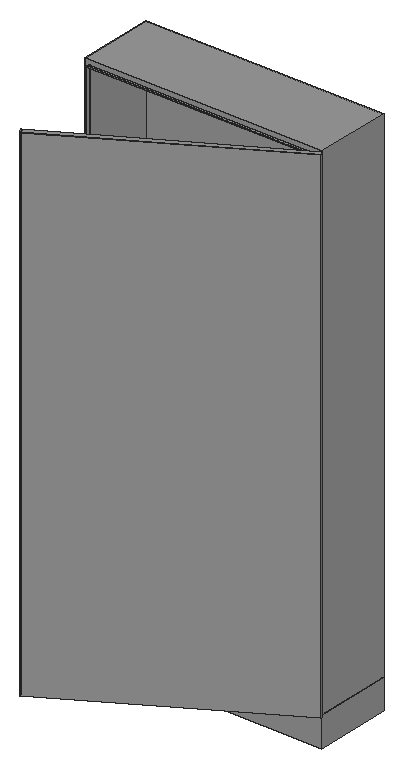
Revit family "Hager-Univers-IP55-D275-H1800-Cl.I-Steel_encl-NoHosted-PL-pl", category Electrical Equipment, Revit 2020
Family settings
  Panel Configuration = Two Columns, Circuits Across
  Round Connector Dimension = Use Diameter
  Part Type = Panelboard
  Work Plane-Based = Yes
  Always vertical = Yes
  Cut with Voids When Loaded = No
  Shared = No
  Room Calculation Point = No
Parameters (values of type "Montaż podłogowy IP55 S800 W1800 G275  - FR13E1")
  Width Control [instance] = if([EF000008 - Szerokość] > Min Width, [EF000008 - Szerokość], Min Width)  # 800 mm
  Type Comments = [HG000003 - Zakres]  # "Univers"
  Thickness Door [instance] = if([EF009171 - Drzwi/pokrywa z materiału o wysokiej wytrzymałości mechanicznej] > 3 mm, 3 mm, [EF009171 - Drzwi/pokrywa z materiału o wysokiej wytrzymałości mechanicznej])  # 1.5 mm
  Seal Frame Offset [instance] = 17 mm  # constant formula
  Plinth Visibility [instance] = [HG000027 - Wysokość cokołu] > 0 mm  # yes
  Min Width [instance] = 100 mm  # constant formula
  Min Depth [instance] = (2 * [EF009170 - Obudowa z materiału o wysokiej wytrzymałości mechanicznej]) + 1 mm  # 4 mm
  Min Height [instance] = 100 mm  # constant formula
  Internal Frame Depth [instance] = (Door System Depth * 0.5)  # 9 mm
  Panel Name [instance] = ""  # (empty or 0)
  Model = ""
  HG000027 - Wysokość cokołu = 100 mm
  HG000026 - Stojąca = yes
  HG000024 - Wysokość części dolnej = 600 mm
  HG000023 - Obudowa dwusekcyjna = no
  HG000016 - Widoczność drzwi w widoku 3D [instance] = yes
  HG000015 - Przestrzeń robocza - otwarcie drzwi [instance] = no
  HG000014 - Drzwi prawe [instance] = yes
  HG000013 - Drzwi lewe [instance] = not([HG000014 - Drzwi prawe])  # no
  HG000012 - Kąt otwarcia drzwi [instance] = 30.00°
  HG000010 - Drzwi asymetryczne = no
  HG000009 - Drzwi dwuskrzydłowe = no
  HG000006 - Montaż podtynkowy = no
  HG000004 - Referencja producenta = "FR13E1"
  HG000003 - Zakres = "Univers"
  HG000002 - Z drzwiami lub pokrywą = yes
  Frame Offset Bottom [instance] = 10 mm  # constant formula
  Frame Offset [instance] = 15 mm  # constant formula
  EF015940 - Pokrywa z wyzwalaczem nadciśnieniowym = no
  EF011959 - Stopień ochrony (NEMA) = ""
  EF009554 - Liczba otworów pod flansze = 6
  EF009212 - Wykonanie pokrywy = "EV000116 - Zamknięty"
  EF009171 - Drzwi/pokrywa z materiału o wysokiej wytrzymałości mechanicznej = 1.5 mm
  EF009170 - Obudowa z materiału o wysokiej wytrzymałości mechanicznej = 1.5 mm
  EF008873 - Prąd znamionowy (In) = 800 A
  EF007800 - Do ochrony odgromowej = no
  EF006306 - Z zamkiem = no
  EF006244 - Transparentna pokrywa/drzwi = no
  EF005474 - Stopień ochrony (IP) = "EV006420 - IP55"
  EF004464 - Rodzaj drzwi = "EV002646 - Pojedynczy"
  EF004427 - Liczba modułów = 396
  EF004293 - Odporność udarowa = "EV008784 - IK10"
  EF003532 - Do zastosowań zewnętrznych = no
  EF002950 - Szerokość wyrażona liczbą modułów = 24
  EF001613 - Podtrzymanie funkcji = "EV000494 - Brak"
  EF001596 - Materiał obudowy = "EV000179 - Stal"
  EF001131 - Głębokość wewnętrzna = 275 mm
  EF001088 - Możliwość rozbudowy = yes
  EF000437 - Liczba wejść kablowych = 6
  EF000339 - Rodzaj pokrywy = "EV004216 - Drzwi"
  EF000266 - Liczba rzędów = 11
  EF000218 - Głębokość wbudowania = 0 mm
  EF000118 - Z płytą montażową = no
  EF000116 - Numer RAL = "7035"
  EF000049 - Głębokość = 275 mm
  EF000040 - Wysokość = 1800 mm
  EF000008 - Szerokość = 800 mm
  EF000007 - Kolor = "EV000270 - Szary"
  EF000003 - Sposób montażu = "EV012274 - Montaż podłogowy"
  Door System Leaf Tolerance [instance] = 1.5 mm  # constant formula
  Door System Depth [instance] = 18 mm  # constant formula
  Door Height [instance] = Height Control - [HG000027 - Wysokość cokołu]  # 1700 mm
  Description = ""
  Default Elevation = 1219.2 mm
  Connector Offset [instance] = Height Control / 2  # 900 mm
  Manufacturer = "Hager"  # constant formula
  Height Control [instance] = if([EF000040 - Wysokość] > Min Height, [EF000040 - Wysokość], Min Height)  # 1800 mm
  Depth Control [instance] = if([EF000049 - Głębokość] > Min Depth, [EF000049 - Głębokość], Min Depth)  # 275 mm
  Bottom Top Plate Trim [instance] = 1.5 mm  # constant formula
  Plinth height Ctrl [instance] = if([HG000027 - Wysokość cokołu] > 0 mm, [HG000027 - Wysokość cokołu], 12 mm)  # 100 mm
Types (5, lengths in mm): name | Width Control | HG000010 - Drzwi asymetryczne | HG000009 - Drzwi dwuskrzydłowe | HG000004 - Referencja producenta | EF009554 - Liczba otworów pod flansze | EF004464 - Rodzaj drzwi | EF004427 - Liczba modułów | EF000437 - Liczba wejść kablowych | EF000008 - Szerokość
  Montaż podłogowy IP55 S1050 W1800 G275  - FR14E1 | 1050 | yes | yes | "FR14E1" | 8 | "EV003602 - Podwójny" | 528 | 8 | 1050
  Montaż podłogowy IP55 S1300 W1800 G275  - FR15E1 | 1300 | yes | yes | "FR15E1" | 10 | "EV003602 - Podwójny" | 660 | 10 | 1300
  Montaż podłogowy IP55 S300 W1800 G275  - FR11E1 | 300 | no | no | "FR11E1" | 2 | "EV002646 - Pojedynczy" | 132 | 2 | 300
  Montaż podłogowy IP55 S550 W1800 G275  - FR12E1 | 550 | no | no | "FR12E1" | 4 | "EV002646 - Pojedynczy" | 264 | 4 | 550
  Montaż podłogowy IP55 S800 W1800 G275  - FR13E1 | 800 | no | no | "FR13E1" | 6 | "EV002646 - Pojedynczy" | 396 | 6 | 800
Reference planes
  plane 1 "Center (Front/Back)": y = 0
  plane 2: z = 0
  plane 3 "Center (Left/Right)": x = 0
  plane 4: y = 0
  plane 5: y = 0
  plane 6: z = 0
  plane 7: x = -400
  plane 8: x = 400
  plane 9: x = 398.5
  plane 10: x = -398.5
  plane 11: z = 100
  plane 12: z = 101.5
  plane 13: y = -275
  plane 14: y = -1.5
  plane 15: x = 0
  plane 16: y = -257
  plane 17: y = -273.5
  plane 18: y = -255.5
  plane 19: x = -383.5
  plane 20: x = 383.5
  plane 21: z = 111.5
  plane 22: x = -383
  plane 23: x = 383
  plane 24: z = 100
  plane 25: z = 1800
  plane 26: z = 1800
  plane 27: z = 1783.5
  plane 28: z = 1798.5
Forms (mm)
  Extrusion 1, solid, material "Hager_Steel_RAL7035_Light_Grey", detail levels medium+fine
    sketch origin (-208.679, -4572, 100) x (-1, 0, 0) y (0, -1, 0)
      loop
        line (191.321, -4315) -> (-608.679, -4315) -> (-608.679, -4572) -> (191.321, -4572) -> (191.321, -4315)
    from 0 to 1700
  Extrusion 2, void
    sketch origin (-350.771, -275, 1219.2) x (1, 0, 0) y (0, 0, 1)
      loop
        line (-47.729, 579.3) -> (-47.729, -1117.7) -> (749.271, -1117.7) -> (749.271, 579.3) -> (-47.729, 579.3)
    from -19.5 to -273.5
  Extrusion 3, void
    sketch origin (-290.084, -257, 1219.2) x (1, 0, 0) y (0, 0, 1)
      loop
        line (-93.416, -1107.7) -> (673.584, -1107.7) -> (673.584, 564.3) -> (-93.416, 564.3) -> (-93.416, -1107.7)
    from 0 to -1.5
  Extrusion 4, solid, material "Hager_Steel_RAL7035_Light_Grey", visible <- "Plinth Visibility", detail levels medium+fine
    sketch origin (0, 0, 0) x (1, 0, 0) y (0, 1, 0)
      loop
        line (-400, 0) -> (-400, -257) -> (400, -257) -> (400, 0) -> (-400, 0)
    from 0 to 100 <- "Plinth height Ctrl"
  Extrusion 5, solid, material "Hager_Steel_RAL7035_Light_Grey", detail levels coarse
    sketch origin (0, 0, 0) x (1, 0, 0) y (0, 1, 0)
      loop
        line (-400, 0) -> (-400, -275) -> (400, -275) -> (400, 0) -> (-400, 0)
    from 0 to 1800 <- "Height Control"
  Sweep 6, void
    path in 3D
      loop
        line (-400, -257, 100) -> (400, -257, 100) -> (400, 0, 100) -> (-400, 0, 100) -> (-400, -257, 100)
    profile origin (-400, -128.5, 100) x (1, 0, 0) y (0, 0, 1)
      loop
        line (0, 0) -> (0, -1.5) -> (1.5, -1.5)
        arc (1.5, -1.5) -> (1.061, -0.439) -> (0, 0) r 1.5
  Extrusion 7, solid, material "Hager_Steel_RAL7035_Light_Grey", detail levels fine
    sketch origin (-400, -257, 100) x (1, 0, 0) y (0, 0, 1)
      loop
        line (16.5, 11.5) -> (783.5, 11.5) -> (783.5, 1683.5) -> (16.5, 1683.5) -> (16.5, 11.5)
      loop
        line (15, 10) -> (785, 10) -> (785, 1685) -> (15, 1685) -> (15, 10)
    from 0 to 9 <- "Internal Frame Depth"
Cuts and joins
  Extrusion 2, Extrusion 3 cuts Extrusion 1
  Sweep 6 cuts Extrusion 4
Lines and regions (mm)
  Masking region 1
    outline origin (0, 0, 0) x (1, 0, 0) y (0, 1, 0)
      loop
        line (-400, 0) -> (-400, -275) -> (400, -275) -> (400, 0) -> (-400, 0)
  Masking region 2, detail levels coarse
    outline origin (-290.084, -257, 1219.2) x (-1, 0, 0) y (0, 0, 1)
      loop
        line (-690.084, -1219.2) -> (109.916, -1219.2) -> (109.916, 580.8) -> (-690.084, 580.8) -> (-690.084, -1219.2)
  Masking region 3, detail levels coarse
    outline origin (0, 0, 0) x (0, 1, 0) y (0, 0, 1)
      loop
        line (0, 0) -> (0, 1800) -> (-275, 1800) -> (-275, 0) -> (0, 0)
  Masking region 4, visible <- "Plinth Visibility", detail levels medium+fine
    outline origin (0, 0, 0) x (0, 1, 0) y (0, 0, 1)
      loop
        line (-1.5, 100) -> (-255.5, 100)
        arc (-255.5, 100) -> (-255.939, 98.939) -> (-257, 98.5) r 1.5
        line (-257, 98.5) -> (-257, 0) -> (0, 0) -> (0, 98.5)
        arc (0, 98.5) -> (-1.061, 98.939) -> (-1.5, 100) r 1.5
  Masking region 5, detail levels medium+fine
    outline origin (0, 0, 594.038) x (0, 1, 0) y (0, 0, 1)
      loop
        line (0, -494.038) -> (0, 1205.962) -> (-257, 1205.962) -> (-257, -494.038) -> (0, -494.038)
  Masking region 6, detail levels medium+fine
    outline origin (-359.7, -257, 1211.883) x (-1, 0, 0) y (0, 0, 1)
      loop
        line (-759.7, -1111.883) -> (40.3, -1111.883) -> (40.3, 588.117) -> (-759.7, 588.117) -> (-759.7, -1111.883)
  Masking region 7, visible <- "Plinth Visibility", detail levels medium+fine
    outline origin (-320.334, -257, 1041.368) x (-1, 0, 0) y (0, 0, 1)
      loop
        line (-720.334, -1041.368) -> (79.666, -1041.368) -> (79.666, -942.868)
        arc (79.666, -942.868) -> (78.606, -942.429) -> (78.166, -941.368) r 1.5
        line (78.166, -941.368) -> (-718.834, -941.368)
        arc (-718.834, -941.368) -> (-719.273, -942.429) -> (-720.334, -942.868) r 1.5
        line (-720.334, -942.868) -> (-720.334, -1041.368)
  sketch lines
    curve 1: line (-400, 0, 100) -> (-400, -257, 100)
    curve 2: line (-400, -257, 100) -> (400, -257, 100)
    curve 3: line (400, 0, 100) -> (-400, 0, 100)
    curve 4: line (400, -257, 100) -> (400, 0, 100)
Dimensions and locks
  locked: plane 1 "Center (Front/Back)" to plane 5
  "EF009170 - Obudowa z materiału o wysokiej wytrzymałości mechanicznej": plane 7 to plane 10
  "EF009170 - Obudowa z materiału o wysokiej wytrzymałości mechanicznej": plane 8 to plane 9
  equal spacing: plane 7, plane 3 "Center (Left/Right)", plane 8
  "Width Control": plane 7 to plane 8
  "Depth Control": plane 4 to plane 13
  "EF009170 - Obudowa z materiału o wysokiej wytrzymałości mechanicznej": plane 4 to plane 14
  "Height Control": plane 25 to level
  "HG000027 - Wysokość cokołu": plane 11 to level
  "EF009170 - Obudowa z materiału o wysokiej wytrzymałości mechanicznej": plane 12 to plane 11
  "EF009170 - Obudowa z materiału o wysokiej wytrzymałości mechanicznej": plane 17 to plane 13
  "EF009170 - Obudowa z materiału o wysokiej wytrzymałości mechanicznej": plane 18 to plane 16
  "Frame Offset Bottom": plane 21 to plane 12
  "Frame Offset": plane 10 to plane 19
  "Frame Offset": plane 9 to plane 20
  "Door System Depth": plane 16 to plane 13
  "Seal Frame Offset": plane 7 to plane 22
  "Seal Frame Offset": plane 8 to plane 23
  "EF009170 - Obudowa z materiału o wysokiej wytrzymałości mechanicznej": plane 26 to plane 28
  "Frame Offset": plane 28 to plane 27
  "Connector Offset": plane 2 to connector elem
  "Bottom Top Plate Trim": profile plane to Sweep 6 sketch curve
  "Bottom Top Plate Trim": Sweep 6 sketch curve to Sweep 6 sketch curve
  "Plinth height Ctrl": Masking region 4 sketch curve to level
  "Plinth height Ctrl": Masking region 7 sketch curve to level
  "Thickness Door": Extrusion 7 sketch curve to Extrusion 7 sketch curve  (x4)
  "Bottom Top Plate Trim": radius of Sweep 6 sketch curve
  "Bottom Top Plate Trim": radius of Masking region 4 sketch curve  (x2)
  "Bottom Top Plate Trim": radius of Masking region 7 sketch curve  (x2)
  aligned and locked: Extrusion 2 sketch curve to plane 12
  aligned and locked: Extrusion 2 sketch curve to plane 9
  aligned and locked: Extrusion 2 sketch curve to plane 10
  aligned and locked: Extrusion 2 to plane 14
  aligned and locked: Extrusion 1 sketch curve to plane 4
  aligned and locked: plane 8 to Extrusion 1 sketch curve
  aligned and locked: plane 7 to Extrusion 1 sketch curve
  aligned and locked: Extrusion 2 to plane 18
  aligned and locked: Extrusion 3 sketch curve to plane 19
  aligned and locked: plane 20 to Extrusion 3 sketch curve
  aligned and locked: Extrusion 3 to Extrusion 2
  aligned and locked: Extrusion 3 sketch curve to plane 21
  aligned and locked: plane 3 "Center (Left/Right)" to nested 1
  aligned and locked: Extrusion 1 sketch curve to plane 16
  aligned and locked: Extrusion 4 sketch curve to cut or joined group of Extrusion 1, Extrusion 2, Extrusion 3
  aligned and locked: Masking region 1 sketch curve to plane 7
  aligned and locked: Masking region 1 sketch curve to plane 5
  aligned and locked: Masking region 1 sketch curve to plane 8
  aligned and locked: Masking region 2 sketch curve to level
  aligned and locked: level to Masking region 3 sketch curve
  aligned and locked: plane 1 "Center (Front/Back)" to Masking region 3 sketch curve
  aligned and locked: plane 13 to Masking region 3 sketch curve
  aligned and locked: plane 5 to Masking region 4 sketch curve
  aligned and locked: Masking region 2 sketch curve to plane 8
  aligned and locked: Masking region 2 sketch curve to plane 7
  aligned and locked: plane 7 to nested 2
  aligned and locked: nested 2 to plane 5
  aligned and locked: plane 5 to Masking region 5 sketch curve
  aligned and locked: plane 26 to Masking region 5 sketch curve
  aligned and locked: Extrusion 5 sketch curve to plane 8
  aligned and locked: Extrusion 5 sketch curve to plane 7
  aligned and locked: Extrusion 5 sketch curve to plane 5
  aligned and locked: Extrusion 3 sketch curve to plane 27
  aligned and locked: Extrusion 2 sketch curve to plane 28
  aligned and locked: Masking region 2 to plane 25
  aligned and locked: Extrusion 4 to plane 16
  aligned and locked: profile plane to Sweep 6 sketch curve
  aligned and locked: Masking region 5 sketch curve to plane 24
  aligned and locked: level to Masking region 4 sketch curve
  aligned and locked: Masking region 1 to plane 13
  aligned and locked: nested 1 to plane 16
  aligned and locked: Masking region 3 to plane 25
  aligned and locked: plane 16 to Masking region 4 sketch curve
  aligned and locked: Masking region 5 sketch curve to plane 16
  aligned and locked: plane 24 to plane 11
  aligned and locked: plane 26 to plane 25
  aligned and locked: plane 26 to cut or joined group of Extrusion 1, Extrusion 2, Extrusion 3
  aligned and locked: nested 1 to plane 24
  aligned and locked: Extrusion 1 to Extrusion 3
  aligned and locked: Masking region 6 sketch curve to plane 8
  aligned and locked: Masking region 6 sketch curve to plane 24
  aligned and locked: Masking region 6 sketch curve to plane 7
  aligned and locked: Masking region 6 sketch curve to plane 26
  aligned and locked: Masking region 7 sketch curve to plane 7
  aligned and locked: level to Masking region 7 sketch curve
  aligned and locked: Masking region 7 sketch curve to plane 8
  aligned and locked: Extrusion 7 sketch curve to cut or joined group of Extrusion 1, Extrusion 2, Extrusion 3  (x4)
Automatic sketch dimensions
  plane 19 to Extrusion 3 sketch curve = 0 mm
  Extrusion 3 sketch curve to plane 20 = 0 mm
  Extrusion 3 sketch curve to plane 21 = 0 mm
  Extrusion 4 sketch curve to plane 7 = 0 mm
  Extrusion 4 sketch curve to plane 8 = 0 mm
  Extrusion 4 sketch curve to plane 16 = 0 mm
  Masking region 1 sketch curve to plane 13 = 0 mm
  Masking region 2 sketch curve to plane 25 = 0 mm
  Masking region 3 sketch curve to plane 25 = 0 mm
  Extrusion 5 sketch curve to plane 13 = 0 mm
  profile plane to Sweep 6 sketch curve = 0 mm
Nested families
  nested 1: "EC000058_Univers_Door" at (0, -257, 100), Double <- "HG000009 - Drzwi dwuskrzydłowe", Transparent <- "EF006244 - Transparentna pokrywa/drzwi", Angle <- "HG000012 - Kąt otwarcia drzwi", Door_Right <- "HG000014 - Drzwi prawe", Assymetrical <- "HG000010 - Drzwi asymetryczne", Door <- "HG000002 - Z drzwiami lub pokrywą", Width_Ctrl <- "Width Control", 3d_Door <- "HG000016 - Widoczność drzwi w widoku 3D", Clearance <- "HG000015 - Przestrzeń robocza - otwarcie drzwi", Door_Left <- "HG000013 - Drzwi lewe", Width <- "Width Control", Door_Depth <- "Door System Depth", Leaf_Tolerance <- "Door System Leaf Tolerance", Height <- "Door Height", Lock_Visibility <- "EF006306 - Z zamkiem", Thickness <- "Thickness Door", type "EC000058_Univers_Door", detail levels medium+fine
    with min_wh 4 mm, Width_Ctrl 800 mm, Width 800 mm, Transparent no, Thickness 1.5 mm, Seal_Material Hager_Rubber, Lock_Visibility no, Lock_Material Hager_Plastic_RAL9005_Jet_Black, Leaf_Width 800 mm, Leaf_Tolerance_External_Sides 0 mm, Leaf_Tolerance 1.5 mm, Leaf_Offset 0 mm, Leaf_Height 1697 mm, Leaf_2_Width 800 mm, Leaf_2_Offset 400 mm, Leaf_1_Width 800 mm, Leaf_1_Offset 400 mm, Height_Ctrl 1700 mm, Height 1700 mm, Glass_Material Hager_Glass, Double_Clearance_Ctrl no, Double no, Door_Right_Ctrl yes, Door_Right yes, Door_Material Hager_Steel_RAL7035_Light_Grey, Door_Left_Ctrl no, Door_Left no, Door_Depth 18 mm, Door yes, Clearance_Material Hager_Clearance, Clearance_Depth 800 mm, Clearance_Ctrl no, Clearance no, Assymetrical no, Angle 30.00°, 3d_Door yes
  nested 2: "Hager_Enclosure_Symbol" at (-400, 0, 0), Height <- "Depth Control", Width <- "Width Control", type "Hager_Enclosure_Symbol"
    with Width_Ctrl 800 mm, Width 800 mm, Height_Ctrl 275 mm, Height 275 mm, A_Width_Int 18.047 mm, A_Width 216.562 mm, A_Height_Ctrl 240.625 mm, A_Height 240.625 mm
Connectors
  electrical at (0, 0, 900)
    settings: on plane 1 "Center (Front/Back)", index 1, voltage 0 V, apparent load 0 VA, apparent load phase1 0 VA, apparent load phase2 0 VA, apparent load phase3 0 VA, power factor 1, load classification "Other", number of poles 1, system type 30, power factor state 1, is connector primary yes, connector utility no, sub classification motor no, connector description ""
Definition of nested family "EC000058_Univers_Door"
  Parameters (values of type "EC000058_Univers_Door")
    min_wh [instance] = (2 * Thickness) + 1 mm  # 11 mm
    Width_Ctrl [instance] = 400 mm
    Width [instance] = 500 mm
    Transparent [instance] = yes
    Thickness [instance] = 5 mm
    Seal_Material [instance] = none
    Lock_Visibility [instance] = yes
    Lock_Material [instance] = none
    Leaf_Width [instance] = if((Width_Ctrl - 2 * Leaf_Tolerance_External_Sides) > 0 mm, (Width_Ctrl - 2 * Leaf_Tolerance_External_Sides), min_wh)  # 400 mm
    Leaf_Tolerance_External_Sides [instance] = 0 mm  # constant formula
    Leaf_Tolerance [instance] = 1.5 mm
    Leaf_Offset [instance] = 0 mm  # constant formula
    Leaf_Height [instance] = if((Height_Ctrl - 2 * Leaf_Tolerance) > 0 mm, (Height_Ctrl - 2 * Leaf_Tolerance), min_wh)  # 497 mm
    Leaf_2_Width [instance] = if(and(and(Double, Assymetrical), Door_Left), (Leaf_Width / 3) - (Leaf_Tolerance / 2), if(and(and(Double, Assymetrical), Door_Right), (Leaf_Width / 3) * 2 - (Leaf_Tolerance / 2), if(and(Double, not(Assymetrical)), (Leaf_Width / 2) - Leaf_Tolerance, Leaf_Width)))  # 400 mm
    Leaf_2_Offset [instance] = if(and(Double, Assymetrical), Leaf_2_Width / 2, if(and(Double, not(Assymetrical)), Leaf_Width / 4, Leaf_Width / 2))  # 200 mm
    Leaf_1_Width [instance] = if(and(and(Double, Assymetrical), Door_Right), (Leaf_Width / 3) - (Leaf_Tolerance / 2), if(and(and(Double, Assymetrical), Door_Left), (Width / 3) * 2 - (Leaf_Tolerance / 2), if(and(Double, not(Assymetrical)), (Leaf_Width / 2) - Leaf_Tolerance, Leaf_Width)))  # 400 mm
    Leaf_1_Offset [instance] = if(and(Double, Assymetrical), Leaf_1_Width / 2, if(and(Double, not(Assymetrical)), Leaf_Width / 4, Leaf_Width / 2))  # 200 mm
    Height_Ctrl [instance] = if(Height > min_wh, Height, min_wh)  # 500 mm
    Height [instance] = 500 mm
    Glass_Material [instance] = none
    Double_Clearance_Ctrl [instance] = and(Double, Clearance)  # no
    Double [instance] = no
    Door_Right_Ctrl [instance] = and(or(Door_Right, Double), Door)  # yes
    Door_Right [instance] = yes
    Door_Material [instance] = none
    Door_Left_Ctrl [instance] = and(or(Door_Left, Double), Door)  # no
    Door_Left [instance] = no
    Door_Depth [instance] = 30 mm
    Door [instance] = yes
    Default Elevation = 1219.2 mm
    Clearance_Material [instance] = none
    Clearance_Depth [instance] = if(Leaf_1_Width > Leaf_2_Width, Leaf_1_Width, Leaf_2_Width)  # 400 mm
    Clearance_Ctrl [instance] = and(not(Double), Clearance)  # yes
    Clearance [instance] = yes
    Assymetrical [instance] = yes
    Angle [instance] = 30.00°
    3d_Door [instance] = yes
  Reference planes
    plane 1 "Center (Front/Back)": y = 0
    plane 2 "Bottom": z = 0
    plane 3 "Center (Left/Right)": x = 0
    plane 4: z = 500
    plane 5: x = -200
    plane 6: x = 200
    plane 7: z = 500
    plane 8: x = -200
    plane 9: z = 0
    plane 10: x = 200
    plane 11: y = 0
    plane 12: z = 1.5
    plane 13: x = -600
    plane 14: y = -400
    plane 15: x = 600
    plane 16: x = 0
    plane 17: x = 0
    plane 18: x = -200
    plane 19: x = 200
    plane 20: z = 498.5
  Forms (mm)
    Extrusion 1, solid, material <- "Clearance_Material", visible <- "Double_Clearance_Ctrl"
      sketch origin (1200, 0, 0) x (1, 0, 0) y (0, 0, -1)
        loop
          line (-1800, -498.5) -> (-600, -498.5) -> (-600, 0) -> (-1800, 0) -> (-1800, -498.5)
      from 0 to -400
  Dimensions and locks
    equal spacing: plane 5, plane 3 "Center (Left/Right)", plane 6
    "Width_Ctrl": plane 5 to plane 6
    "Leaf_Offset": plane 5 to plane 8
    "Leaf_Offset": plane 6 to plane 10
    "Leaf_Offset": plane 9 to level
    "Leaf_Offset": plane 4 to plane 7
    "Height_Ctrl": plane 4 to level
    "Leaf_Tolerance": plane 12 to plane 9
    locked: plane 11 to plane 1 "Center (Front/Back)"
    "Leaf_1_Offset": plane 18 to plane 16
    "Leaf_2_Offset": plane 17 to plane 19
    "Leaf_1_Width": plane 13 to plane 8
    "Leaf_2_Width": plane 10 to plane 15
    "Clearance_Depth": plane 14 to plane 1 "Center (Front/Back)"
    "Leaf_Tolerance_External_Sides": plane 8 to plane 18
    "Leaf_Tolerance_External_Sides": plane 19 to plane 10
    "Leaf_Tolerance": plane 7 to plane 20
    aligned and locked: level to plane 2 "Bottom"
    aligned and locked: nested 1 to plane 16
    aligned and locked: nested 2 to plane 17
    aligned and locked: Extrusion 1 to plane 13
    aligned and locked: plane 15 to Extrusion 1
    aligned and locked: Extrusion 1 to plane 14
    aligned and locked: plane 12 to nested 1
    aligned and locked: nested 2 to plane 12
    aligned and locked: Extrusion 1 to plane 11
    aligned and locked: plane 20 to Extrusion 1
    aligned and locked: nested 2 to plane 11
    aligned and locked: nested 1 to plane 11
  Automatic sketch dimensions
    Extrusion 1 sketch curve to level = 0 mm
    plane 5 to Extrusion 1 sketch curve = 400 mm
    plane 6 to Extrusion 1 sketch curve = 400 mm
    Extrusion 1 sketch curve to plane 4 = 1.5 mm
  Nested families
    nested 1: "EC000058_Univers_Door_Leaf" at (0, 0, 1.5), Width <- "Leaf_1_Width", visible <- "Door_Left_Ctrl", Leaf_Height <- "Leaf_Height", Angle <- "Angle", 3d_Door <- "3d_Door", Transparent <- "Transparent", Clearance Material <- "Clearance_Material", Clearance <- "Clearance_Ctrl", Door_Material <- "Door_Material", Glass_Material <- "Glass_Material", Door_Depth <- "Door_Depth", Lock_Material <- "Lock_Material", Seal_Material <- "Seal_Material", Lock_Visibility <- "Lock_Visibility", Thickness <- "Thickness", type "EC000058_Univers_Door_Leaf"
      with Width 400 mm, Transparent_Glass_Offset 30 mm, Transparent_Ctrl yes, Transparent yes, Thickness 5 mm, Standard no, Seal_Material none, Seal_D2 8 mm, Seal_D1 1 mm, Offset_Internal_Frame 10 mm, Lock_Width 20 mm, Lock_Visibility_3d yes, Lock_Visibility yes, Lock_Thickness_3 3 mm, Lock_Thickness_2 1 mm, Lock_Thickness_1 3 mm, Lock_Radius_Offset_2 16 mm, Lock_Radius_Offset_1 15 mm, Lock_Radius_2 5 mm, Lock_Radius 6 mm, Lock_Offset 5 mm, Lock_Material none, Lock_Height 80 mm, Lock_Cover_Top_Offset_2d 17 mm, Lock_Cover_Height -65 mm, Leaf_Height 497 mm, Internal_Seal_Thickness 8 mm, Internal_Seal_Depth_2 4.5 mm, Internal_Frame_Depth 25 mm, Glass_Thickness -1 mm, Glass_Offset -2 mm, Glass_Material none, Door_Material none, Door_Depth 30 mm, Clearance Material none, Clearance yes, Angle_Ctrl 30.00°, Angle 30.00°, 3d_Door yes
    nested 2: "EC000058_Univers_Door_Leaf" at (0, 0, 1.5) x (-1, 0, 0) z (0, 0, 1), Width <- "Leaf_2_Width", visible <- "Door_Right_Ctrl", Leaf_Height <- "Leaf_Height", Angle <- "Angle", 3d_Door <- "3d_Door", Transparent <- "Transparent", Clearance Material <- "Clearance_Material", Clearance <- "Clearance_Ctrl", Door_Material <- "Door_Material", Glass_Material <- "Glass_Material", Door_Depth <- "Door_Depth", Lock_Material <- "Lock_Material", Seal_Material <- "Seal_Material", Lock_Visibility <- "Lock_Visibility", Thickness <- "Thickness", type "EC000058_Univers_Door_Leaf"
      with Width 400 mm, Transparent_Glass_Offset 30 mm, Transparent_Ctrl yes, Transparent yes, Thickness 5 mm, Standard no, Seal_Material none, Seal_D2 8 mm, Seal_D1 1 mm, Offset_Internal_Frame 10 mm, Lock_Width 20 mm, Lock_Visibility_3d yes, Lock_Visibility yes, Lock_Thickness_3 3 mm, Lock_Thickness_2 1 mm, Lock_Thickness_1 3 mm, Lock_Radius_Offset_2 16 mm, Lock_Radius_Offset_1 15 mm, Lock_Radius_2 5 mm, Lock_Radius 6 mm, Lock_Offset 5 mm, Lock_Material none, Lock_Height 80 mm, Lock_Cover_Top_Offset_2d 17 mm, Lock_Cover_Height -65 mm, Leaf_Height 497 mm, Internal_Seal_Thickness 8 mm, Internal_Seal_Depth_2 4.5 mm, Internal_Frame_Depth 25 mm, Glass_Thickness -1 mm, Glass_Offset -2 mm, Glass_Material none, Door_Material none, Door_Depth 30 mm, Clearance Material none, Clearance yes, Angle_Ctrl 30.00°, Angle 30.00°, 3d_Door yes
  Definition of nested family "EC000058_Univers_Door_Leaf"
    Parameters (values of type "EC000058_Univers_Door_Leaf")
      Width [instance] = 2000 mm
      Transparent_Glass_Offset [instance] = 30 mm
      Transparent_Ctrl [instance] = and(Transparent, [3d_Door])  # yes
      Transparent [instance] = yes
      Thickness [instance] = 5 mm
      Standard [instance] = and(not(Transparent), [3d_Door])  # no
      Seal_Material [instance] = none
      Seal_D2 [instance] = 8 mm  # constant formula
      Seal_D1 [instance] = 1 mm  # constant formula
      Offset_Internal_Frame [instance] = 10 mm  # constant formula
      Lock_Width [instance] = 20 mm  # constant formula
      Lock_Visibility_3d [instance] = and(Lock_Visibility, [3d_Door])  # yes
      Lock_Visibility [instance] = yes
      Lock_Thickness_3 [instance] = 3 mm  # constant formula
      Lock_Thickness_2 [instance] = 1 mm  # constant formula
      Lock_Thickness_1 [instance] = 3 mm  # constant formula
      Lock_Radius_Offset_2 [instance] = Lock_Radius_Offset_1 + 1 mm  # 16 mm
      Lock_Radius_Offset_1 [instance] = 15 mm  # constant formula
      Lock_Radius_2 [instance] = Lock_Radius - 1 mm  # 5 mm
      Lock_Radius [instance] = 6 mm  # constant formula
      Lock_Offset [instance] = 5 mm  # constant formula
      Lock_Material [instance] = none
      Lock_Height [instance] = 80 mm  # constant formula
      Lock_Cover_Top_Offset_2d [instance] = Lock_Radius_Offset_2 + 1 mm  # 17 mm
      Lock_Cover_Height [instance] = -(Lock_Height - Lock_Radius_Offset_1)  # -65 mm
      Leaf_Height [instance] = 2720.336 mm
      Internal_Seal_Thickness [instance] = 8 mm  # constant formula
      Internal_Seal_Depth_2 [instance] = 4.5 mm  # constant formula
      Internal_Frame_Depth [instance] = if(Door_Depth - Thickness > 5 mm, Door_Depth - Thickness, 5 mm)  # 25 mm
      Glass_Thickness [instance] = if(Thickness > 15 mm, Glass_Offset + 10 mm, -1 mm)  # -1 mm
      Glass_Offset [instance] = if(Thickness > 15 mm, -(Thickness + 10 mm) / 2, -2 mm)  # -2 mm
      Glass_Material [instance] = none
      Door_Material [instance] = none
      Door_Depth [instance] = 30 mm
      Default Elevation = 0 mm
      Clearance Material [instance] = none
      Clearance [instance] = yes
      Angle_Ctrl [instance] = if(Angle > 180.00°, 180.00°, Angle)  # 90.00°
      Angle [instance] = 90.00°
      3d_Door [instance] = yes
    Reference planes
      plane 1 "Center (Front/Back)": y = 0
      plane 2: z = 0
      plane 3 "Center (Left/Right)": x = 0
      plane 4: y = 2000
      plane 5: x = -1000
      plane 6: x = 1000
      plane 7: x = -3000
      plane 8: z = 2720.336
      plane 9: z = 30
      plane 10: z = 2690.336
      plane 11: x = 970
      plane 12: x = -970
      plane 13: y = -3
      plane 14: z = 107.833
      plane 15: y = -5
      plane 16: y = -223.314
      plane 17: x = -1000
      plane 18: z = 1360.168
      plane 19: y = 30
    Forms (mm)
      Extrusion 1, solid, material <- "Clearance Material", visible <- "Clearance"
        sketch origin (0, 0, 0) x (1, 0, 0) y (0, 0, 1)
          loop
            line (-3000, 2720.336) -> (-3000, 0) -> (1000, 0) -> (1000, 2720.336) -> (-3000, 2720.336)
        from 0 to -2000
      Extrusion 2, solid, material <- "Door_Material", visible <- "Standard", detail levels medium+fine
        sketch origin (-1000, 0, 0) x (0, 1, 0) y (-1, 0, 0)
          loop
            line (0, 30) -> (0, 25) -> (2000, 25) -> (2000, 30) -> (0, 30)
        from 0 to 2720.336 <- "Leaf_Height"
      Extrusion 3, solid, material <- "Door_Material", visible <- "Transparent_Ctrl", detail levels medium+fine
        sketch origin (-1000, 0, 0) x (0, 1, 0) y (-1, 0, 0)
          loop
            line (0, 25) -> (2000, 25) -> (2000, 30) -> (0, 30) -> (0, 25)
        from 0 to 2720.336 <- "Leaf_Height"
      Extrusion 4, void
        sketch origin (-1025, 2000, 0) x (0, 1, 0) y (0, 0, -1)
          loop
            line (-30, -2690.336) -> (-30, -30) -> (-1970, -30) -> (-1970, -2690.336) -> (-30, -2690.336)
        from 0 to 5 <- "Thickness"
      Sweep 5, solid, material <- "Seal_Material", visible <- "Transparent_Ctrl", detail levels fine
        path in 3D
          loop
            line (-1025, 30, 30) -> (-1025, 30, 2690.336) -> (-1025, 1970, 2690.336) -> (-1025, 1970, 30) -> (-1025, 30, 30)
        profile origin (-1025, 1000, 30) x (1, 0, 0) y (0, 0, 1)
          loop
            line (0, 0) -> (0, -8) -> (1, -8) -> (1, 0) -> (0, 0)
      Extrusion 6, solid, material <- "Glass_Material", visible <- "Transparent_Ctrl", detail levels medium+fine
        sketch origin (-1030, 0, 0) x (0, 1, 0) y (0, 0, -1)
          loop
            line (1970, -2690.336) -> (1970, -30) -> (30, -30) -> (30, -2690.336) -> (1970, -2690.336)
        from -2 <- "Glass_Offset" to -1 <- "Glass_Thickness"
      Extrusion 7, solid, material <- "Door_Material", visible <- "3d_Door", detail levels medium+fine
        sketch origin (-1025, 2000, 0) x (0, -1, 0) y (0, 0, -1)
          loop
            line (0, -2720.336) -> (2000, -2720.336) -> (2000, 0) -> (0, 0) -> (0, -2720.336)
          loop
            line (1995, -5) -> (5, -5) -> (5, -2715.336) -> (1995, -2715.336) -> (1995, -5)
        from 0 to 25 <- "Internal_Frame_Depth"
      Sweep 8, solid, material <- "Seal_Material", visible <- "Transparent_Ctrl", detail levels fine
        path in 3D
          loop
            line (-1025, 0, 0) -> (-1025, 2000, 0) -> (-1025, 2000, 2720.336) -> (-1025, 0, 2720.336) -> (-1025, 0, 0)
        profile origin (-1025, 0, 1360.168) x (1, 0, 0) y (0, 1, 0)
          loop
            line (0, 10) -> (2.975, 10)
            arc (2.975, 10) -> (4.053, 10.447) -> (4.5, 11.525) r 1.525
            line (4.5, 11.525) -> (4.5, 16.527)
            arc (4.5, 16.527) -> (4.069, 17.569) -> (3.027, 18) r 1.473
            line (3.027, 18) -> (0, 18) -> (0, 10)
      Extrusion 9, solid, material <- "Lock_Material", visible <- "Lock_Visibility_3d", detail levels fine
        sketch origin (-1030, 0, 0) x (0, 1, 0) y (0, 0, -1)
          loop
            arc (1993.5, -1400.168) -> (1994.561, -1399.729) -> (1995, -1398.668) r 1.5
            line (1995, -1398.668) -> (1995, -1320.168) -> (1975, -1320.168) -> (1975, -1398.668)
            arc (1975, -1398.668) -> (1975.439, -1399.729) -> (1976.5, -1400.168) r 1.5
            line (1976.5, -1400.168) -> (1993.5, -1400.168)
        from 3 <- "Lock_Thickness_1" to 0
      Blend 10, solid, material <- "Lock_Material", visible <- "Lock_Visibility_3d", detail levels fine
        base sketch origin (-1033, 0, 0) x (0, 1, 0) y (0, 0, -1)
          loop
            line (1975, -1320.168) -> (1975, -1398.668)
            arc (1975, -1398.668) -> (1975.439, -1399.729) -> (1976.5, -1400.168) r 1.5
            line (1976.5, -1400.168) -> (1993.5, -1400.168)
            arc (1993.5, -1400.168) -> (1994.561, -1399.729) -> (1995, -1398.668) r 1.5
            line (1995, -1398.668) -> (1995, -1320.168) -> (1975, -1320.168)
        top sketch origin (-1033, 0, 0) x (0, 1, 0) y (0, 0, -1)
          loop
            line (1976, -1320.168) -> (1976, -1398.668)
            arc (1976, -1398.668) -> (1976.146, -1399.022) -> (1976.5, -1399.168) r 0.5
            line (1976.5, -1399.168) -> (1993.5, -1399.168)
            arc (1993.5, -1399.168) -> (1993.854, -1399.022) -> (1994, -1398.668) r 0.5
            line (1994, -1398.668) -> (1994, -1320.168) -> (1976, -1320.168)
        from 0 to 1 <- "Lock_Thickness_2"
      Blend 11, solid, material <- "Lock_Material", visible <- "Lock_Visibility_3d", detail levels fine
        base sketch origin (-1034, 0, 0) x (0, 1, 0) y (0, 0, -1)
          loop
            line (1978, -1320.168) -> (1978, -1384.168)
            arc (1978, -1384.168) -> (1985, -1391.168) -> (1992, -1384.168) r 7
            line (1992, -1384.168) -> (1992, -1320.168) -> (1978, -1320.168)
        top sketch origin (-1034, 0, 0) x (0, 1, 0) y (0, 0, -1)
          loop
            line (1991, -1320.168) -> (1979, -1320.168) -> (1979, -1383.168)
            arc (1979, -1383.168) -> (1985, -1389.168) -> (1991, -1383.168) r 6
            line (1991, -1383.168) -> (1991, -1320.168)
        from 0 to 3 <- "Lock_Thickness_3"
      Extrusion 12, solid, material <- "Lock_Material", visible <- "Lock_Visibility_3d", detail levels fine
        sketch origin (-1030, 1975, 1320.168) x (1, 0, 0) y (0, -1, 0)
          loop
            line (-7, -19) -> (-7, -1) -> (0, -1) -> (0, 0) -> (-8, 0) -> (-8, -20) -> (0, -20) -> (0, -19) -> (-7, -19)
        from 0 to -65 <- "Lock_Cover_Height"
      Extrusion 13, void
        sketch origin (-1038, 1995, 1320.168) x (-1, 0, 0) y (0, 0, -1)
          loop
            line (-5, -65) -> (0, -65) -> (-5, -60) -> (-5, -65)
        from 0 to 20 <- "Lock_Width"
      Extrusion 14, void
        sketch origin (-1038, 1975, 1320.168) x (0, -1, 0) y (0, 0, -1)
          loop
            circle (-10, -15.995) r 6
          loop
            circle (-10, -15.995) r 5
        from 0 to 2
      Extrusion 15, solid, material <- "Lock_Material", visible <- "Lock_Visibility_3d", detail levels medium
        sketch origin (-1030, 0, 0) x (0, 1, 0) y (0, 0, -1)
          loop
            arc (1993.5, -1400.168) -> (1994.561, -1399.729) -> (1995, -1398.668) r 1.5
            line (1995, -1398.668) -> (1995, -1320.168) -> (1975, -1320.168) -> (1975, -1398.668)
            arc (1975, -1398.668) -> (1975.439, -1399.729) -> (1976.5, -1400.168) r 1.5
            line (1976.5, -1400.168) -> (1993.5, -1400.168)
        from 8 to 0
    Cuts and joins
      Extrusion 4 cuts Extrusion 3
      Extrusion 13, Extrusion 14 cuts Extrusion 9
      Extrusion 14 cuts Blend 11
      Extrusion 13, Extrusion 14 cuts Extrusion 12
      joined: Extrusion 9, Blend 10, Blend 11, Extrusion 12
      Extrusion 14 cuts Extrusion 15
    Lines and regions (mm)
      Masking region 1, visible <- "Lock_Visibility", detail levels fine
        outline origin (0, 0, 0) x (0, 1, 0) y (0, 0, 1)
          loop
            line (30, 1320.168) -> (33, 1320.168) -> (33, 1400.168) -> (30, 1400.168) -> (30, 1320.168)
      Masking region 2, visible <- "Lock_Visibility", detail levels fine
        outline origin (0, 3.143, 0) x (0, 1, 0) y (0, 0, 1)
          loop
            line (29.857, 1354.168) -> (30.857, 1354.168) -> (30.857, 1366.168) -> (29.857, 1366.168) -> (29.857, 1354.168)
      Masking region 3, detail levels medium+fine
        outline origin (0, 0, 0) x (0, 1, 0) y (0, 0, 1)
          loop
            line (0, 0) -> (30, 0) -> (30, 2720.336) -> (0, 2720.336) -> (0, 0)
      Masking region 4, detail levels medium+fine
        outline origin (0, 0, 0) x (1, 0, 0) y (0, 0, 1)
          loop
            line (-1000, 2720.336) -> (-1000, 0) -> (1000, 0) -> (1000, 2720.336) -> (-1000, 2720.336)
      Masking region 5, visible <- "Lock_Visibility", detail levels fine
        outline origin (-47.116, 0, 0) x (1, 0, 0) y (0, 0, 1)
          loop
            arc (1024.616, 1399.168) -> (1023.556, 1398.729) -> (1023.116, 1397.668) r 1.5
            line (1023.116, 1397.668) -> (1023.116, 1320.168) -> (1041.116, 1320.168) -> (1041.116, 1397.668)
            arc (1041.116, 1397.668) -> (1040.677, 1398.729) -> (1039.616, 1399.168) r 1.5
            line (1039.616, 1399.168) -> (1024.616, 1399.168)
      Masking region 6, visible <- "Lock_Visibility", detail levels medium+fine
        outline origin (-25, 0, 0) x (1, 0, 0) y (0, 0, 1)
          loop
            arc (1001.5, 1400.168) -> (1000.439, 1399.729) -> (1000, 1398.668) r 1.5
            line (1000, 1398.668) -> (1000, 1320.168) -> (1020, 1320.168) -> (1020, 1398.668)
            arc (1020, 1398.668) -> (1019.561, 1399.729) -> (1018.5, 1400.168) r 1.5
            line (1018.5, 1400.168) -> (1001.5, 1400.168)
      Masking region 7, visible <- "Lock_Visibility", detail levels fine
        outline origin (-73.735, 0, 0) x (1, 0, 0) y (0, 0, 1)
          loop
            line (1051.735, 1382.168) -> (1065.735, 1382.168) -> (1065.735, 1384.168)
            arc (1065.735, 1384.168) -> (1058.735, 1391.168) -> (1051.735, 1384.168) r 7
            line (1051.735, 1384.168) -> (1051.735, 1382.168)
      Masking region 8, visible <- "Lock_Visibility", detail levels fine
        outline origin (-73.735, 0, 0) x (1, 0, 0) y (0, 0, 1)
          loop
            line (1052.735, 1382.168) -> (1064.735, 1382.168) -> (1064.735, 1383.168)
            arc (1064.735, 1383.168) -> (1058.735, 1389.168) -> (1052.735, 1383.168) r 6
            line (1052.735, 1383.168) -> (1052.735, 1382.168)
      Masking region 9, visible <- "Lock_Visibility", detail levels fine
        outline origin (-25, 0, 0) x (1, 0, 0) y (0, 0, 1)
          loop
            line (1020, 1320.168) -> (1020, 1382.168) -> (1000, 1382.168) -> (1000, 1320.168) -> (1020, 1320.168)
      Masking region 10, detail levels medium+fine
        outline origin (0, 0, 0) x (1, 0, 0) y (0, 0, 1)
          loop
            circle (985, 1335.144) r 6
      Masking region 11, detail levels fine
        outline origin (0, 0, 0) x (1, 0, 0) y (0, 0, 1)
          loop
            circle (985, 1335.144) r 5
      Masking region 12, visible <- "Lock_Visibility", detail levels fine
        outline origin (0, 12.767, 0) x (0, 1, 0) y (0, 0, 1)
          loop
            line (20.233, 1320.168) -> (21.233, 1320.168) -> (21.233, 1399.168) -> (20.233, 1400.168) -> (20.233, 1320.168)
      Masking region 13, visible <- "Lock_Visibility", detail levels fine
        outline origin (0, 13.767, -10) x (0, 1, 0) y (0, 0, 1)
          loop
            line (20.233, 1330.168) -> (23.233, 1330.168) -> (23.233, 1399.168) -> (20.233, 1402.168) -> (20.233, 1330.168)
      Masking region 14, visible <- "Lock_Visibility", detail levels fine
        outline origin (0, 12.767, -10) x (0, 1, 0) y (0, 0, 1)
          loop
            line (20.233, 1330.168) -> (25.233, 1330.168) -> (25.233, 1399.305) -> (20.233, 1394.305) -> (20.233, 1330.168)
      Masking region 15, visible <- "Lock_Visibility", detail levels medium
        outline origin (0, 0, 0) x (0, 1, 0) y (0, 0, 1)
          loop
            line (30, 1320.168) -> (38, 1320.168) -> (38, 1400.168) -> (30, 1400.168) -> (30, 1320.168)
      Masking region 16, visible <- "Lock_Visibility", detail levels fine
        outline origin (-1000, 0, 0) x (0, 1, 0) y (-1, 0, 0)
          loop
            line (1975, 30) -> (1995, 30) -> (1995, 38) -> (1975, 38) -> (1975, 30)
          loop
            line (1979, 37) -> (1976, 37) -> (1976, 34) -> (1978, 34) -> (1979, 37)
          loop
            line (1994, 37) -> (1991, 37) -> (1992, 34) -> (1994, 34) -> (1994, 37)
      Masking region 17, visible <- "Lock_Visibility", detail levels medium
        outline origin (-1000, 0, 0) x (0, 1, 0) y (-1, 0, 0)
          loop
            line (1975, 30) -> (1995, 30) -> (1995, 38) -> (1975, 38) -> (1975, 30)
      symbolic lines
        curve 1: line (1000, 0, 0) -> (-3000, 0, 0)
        curve 2: arc (1000, 0, 0) -> (-1000, 2000, 0) -> (-3000, 0, 0) r 2000
        curve 4: line (-1030, 0, 0) -> (-1030, 2000, 0)
      reference lines
        curve 3: line (-1000, 0, 0) -> (-1000, 2000, 0)
      symbolic lines, detail levels medium+fine
        curve 5: line (-1030, 2000, 0) -> (-1025, 2000, 0)
        curve 7: line (-1025, 0, 0) -> (-1030, 0, 0)
        curve 8: line (-1025, 0, 0) -> (-1000, 0, 0)
        curve 9: line (-1000, 0, 0) -> (-1000, 2000, 0)
        curve 10: line (-1000, 2000, 0) -> (-1025, 2000, 0)
      symbolic lines, detail levels fine
        curve 6: line (-1025, 2000, 0) -> (-1025, 0, 0)
      sketch lines
        curve 11: line (-1025, 0, 2720.336) -> (-1025, 0, 0)
        curve 12: line (-1025, 2000, 0) -> (-1025, 0, 0)
        curve 13: line (-1025, 2000, 2720.336) -> (-1025, 2000, 0)
        curve 14: line (-1025, 0, 2720.336) -> (-1025, 2000, 2720.336)
        curve 15: line (-1025, 1970, 30) -> (-1025, 30, 30)
        curve 16: line (-1025, 30, 30) -> (-1025, 30, 2690.336)
        curve 17: line (-1025, 1970, 2690.336) -> (-1025, 1970, 30)
        curve 18: line (-1025, 30, 2690.336) -> (-1025, 1970, 2690.336)
      symbolic lines, visible <- "Transparent", detail levels medium+fine
        curve 19: line (-970, 0, 2690.336) -> (970, 0, 2690.336)
        curve 20: line (-970, 0, 30) -> (-970, 0, 2690.336)
        curve 21: line (970, 0, 30) -> (-970, 0, 30)
        curve 22: line (970, 0, 2690.336) -> (970, 0, 30)
    Dimensions and locks
      "Width": plane 1 "Center (Front/Back)" to plane 4
      equal spacing: plane 5, plane 3 "Center (Left/Right)", plane 6
      "Width": plane 5 to plane 6
      "Width": plane 7 to plane 5
      "Leaf_Height": plane 8 to level
      "Width": curve 5 to curve 3
      "Width": curve 3 to curve 3
      plane 8 to plane 10 = 30 mm
      plane 9 to level = 30 mm
      plane 12 to plane 5 = 30 mm
      plane 6 to plane 11 = 30 mm
      Extrusion 1 to Extrusion 4 sketch curve = 30 mm
      "Transparent_Glass_Offset": curve 3 to Extrusion 4 sketch curve
      "Transparent_Glass_Offset": Extrusion 4 sketch curve to cut or joined group of Extrusion 3, Extrusion 4  (x2)
      cut or joined group of Extrusion 3, Extrusion 4 to Extrusion 6 sketch curve = 30 mm
      "Transparent_Glass_Offset": cut or joined group of Extrusion 3, Extrusion 4 to Extrusion 4 sketch curve
      "Thickness": curve 6 to curve 4
      "Thickness": Extrusion 7 sketch curve to Extrusion 7 sketch curve  (x4)
      "Door_Depth": curve 4 to curve 3
      "Offset_Internal_Frame": profile plane to Sweep 8 sketch curve
      "Internal_Seal_Thickness": Sweep 8 sketch curve to Sweep 8 sketch curve
      "Internal_Seal_Depth_2": profile plane to Sweep 8 sketch curve
      "Seal_D1": profile plane to Sweep 5 sketch curve
      "Seal_D2": profile plane to Sweep 5 sketch curve
      "Thickness": Extrusion 2 sketch curve to Extrusion 2 sketch curve
      equal spacing: Extrusion 9 sketch curve, plane 18, Extrusion 9 sketch curve  (x2)
      equal spacing: Masking region 1 sketch curve, plane 18, Masking region 1 sketch curve
      "Lock_Height": Masking region 1 sketch curve to Masking region 1 sketch curve
      "Lock_Radius": Masking region 2 sketch curve to plane 18 to Masking region 2 sketch curve
      Masking region 2 sketch curve to Masking region 1 = 1 mm
      "Door_Depth": plane 19 to plane 1 "Center (Front/Back)"
      "Lock_Thickness_1": Masking region 1 sketch curve to plane 19
      "Lock_Width": Extrusion 9 sketch curve to Extrusion 9 sketch curve
      "Lock_Height": Extrusion 9 sketch curve to Extrusion 9 sketch curve
      "Lock_Offset": cut or joined group of Extrusion 3, Extrusion 4 to Extrusion 9 sketch curve
      equal spacing: plane 8, plane 18, level
      "Lock_Radius_Offset_1": Blend 11 sketch curve to Blend 10
      locked: Blend 10 to Blend 11 sketch curve at 2  (x2)
      locked: var sketch to Blend 11 sketch curve at 1  (x2)
      "Lock_Radius_Offset_2": Blend 11 sketch curve to Blend 10
      locked: Extrusion 12 sketch curve to Extrusion 12 sketch curve at 1  (x3)
      Masking region 6 sketch curve to Masking region 6 sketch curve = 80 mm
      "Lock_Height": Masking region 6 sketch curve to Masking region 6 sketch curve
      "Lock_Width": Masking region 6 sketch curve to Masking region 6 sketch curve
      locked: Masking region 6 to Masking region 5 sketch curve at 1  (x3)
      locked: Masking region 5 to Masking region 7 sketch curve at 2  (x2)
      "Lock_Radius_Offset_1": Masking region 5 to Masking region 7 sketch curve
      "Lock_Radius_Offset_2": Masking region 5 to Masking region 8 sketch curve
      locked: Masking region 7 to Masking region 8 sketch curve at 1  (x2)
      "Lock_Cover_Top_Offset_2d": Masking region 5 to Masking region 9 sketch curve
      equal spacing: Masking region 9, Masking region 10 sketch curve, Masking region 9
      equal spacing: Masking region 9, Masking region 11 sketch curve, Masking region 9
      Extrusion 15 sketch curve to Extrusion 15 sketch curve = 80 mm
      "Lock_Width": Extrusion 15 sketch curve to Extrusion 15 sketch curve
      "Lock_Height": Extrusion 15 sketch curve to Extrusion 15 sketch curve
      equal spacing: Extrusion 15 sketch curve, plane 18, Extrusion 15 sketch curve
      "Lock_Thickness_3": Masking region 13 sketch curve to Masking region 13 sketch curve
      "Lock_Height": Masking region 12 sketch curve to Masking region 12 sketch curve
      locked: Masking region 13 sketch curve to Masking region 1 at 8
      locked: Masking region 14 sketch curve to Masking region 13 at 1
      locked: Masking region 14 sketch curve to Masking region 1 at 10.863
      "Lock_Height": Masking region 15 sketch curve to Masking region 15 sketch curve
      "Lock_Offset": Extrusion 15 sketch curve to cut or joined group of Extrusion 3, Extrusion 4
      "Lock_Offset": plane 6 to Masking region 6 sketch curve
      radius of Sweep 8 sketch curve = 1.525 mm
      radius of Sweep 8 sketch curve = 1.473 mm
      radius of Extrusion 9 sketch curve = 1.5 mm  (x2)
      "Lock_Radius": radius of Extrusion 14 sketch curve
      "Lock_Radius_2": radius of Extrusion 14 sketch curve
      "Lock_Radius": radius of Masking region 10 sketch curve
      "Lock_Radius_2": radius of Masking region 11 sketch curve
      radius of Extrusion 15 sketch curve = 1.5 mm  (x2)
      "Angle_Ctrl": angle plane 1 "Center (Front/Back)" to curve 3
      locked: Masking region 12 sketch curve to Masking region 12 sketch curve (angle 45.00°)
      locked: Masking region 13 sketch curve to Masking region 13 sketch curve (angle 45.00°)
      locked: Masking region 14 sketch curve to Masking region 14 sketch curve (angle 45.00°)
      aligned and locked: level to plane 2
      aligned and locked: Extrusion 1 to curve 1
      aligned and locked: plane 6 to Extrusion 1
      aligned and locked: Extrusion 1 to plane 1 "Center (Front/Back)"
      aligned and locked: plane 4 to Extrusion 1
      aligned and locked: plane 8 to Extrusion 1
      aligned and locked: curve 7 to Extrusion 2 sketch curve
      aligned and locked: curve 5 to Extrusion 2 sketch curve
      aligned and locked: curve 7 to Extrusion 3 sketch curve
      aligned and locked: Extrusion 3 sketch curve to curve 4
      aligned and locked: Extrusion 3 sketch curve to curve 6
      aligned and locked: Extrusion 3 sketch curve to curve 5
      aligned and locked: curve 9 to curve 3
      aligned and locked: Extrusion 7 sketch curve to cut or joined group of Extrusion 3, Extrusion 4  (x4)
      aligned and locked: plane 17 to curve 3
      aligned and locked: plane 1 "Center (Front/Back)" to curve 3
      aligned and locked: plane 17 to plane 5
      aligned and locked: Sweep 8 sketch curve to profile plane
      aligned and locked: Sweep 5 sketch curve to profile plane  (x2)
      aligned and locked: Masking region 1 to Masking region 2 sketch curve
      aligned and locked: plane 19 to Masking region 1 sketch curve
      aligned and locked: plane 1 "Center (Front/Back)" to Masking region 3 sketch curve
      aligned and locked: plane 19 to Masking region 3 sketch curve
      aligned and locked: level to Masking region 3 sketch curve
      aligned and locked: Masking region 3 sketch curve to plane 8
      aligned and locked: plane 17 to Masking region 4 sketch curve
      aligned and locked: level to Masking region 4 sketch curve
      aligned and locked: Masking region 4 sketch curve to plane 8
      aligned and locked: plane 12 to curve 20
      aligned and locked: plane 10 to curve 19
      aligned and locked: plane 11 to curve 22
      aligned and locked: curve 21 to plane 9
      aligned and locked: Extrusion 2 sketch curve to cut or joined group of Extrusion 3, Extrusion 4
      aligned and locked: Blend 10 sketch curve to Extrusion 9  (x4)
      aligned and locked: Extrusion 9 to Blend 10 sketch curve
      aligned and locked: Blend 10 to Blend 11 sketch curve
      aligned and locked: Extrusion 12 sketch curve to Blend 11
      aligned and locked: Extrusion 12 sketch curve to Extrusion 9  (x4)
      aligned and locked: Masking region 5 sketch curve to Masking region 6
      aligned and locked: Masking region 9 sketch curve to Masking region 6  (x3)
      aligned and locked: Masking region 12 sketch curve to Masking region 1
      aligned and locked: Masking region 13 sketch curve to Masking region 1
      aligned and locked: Masking region 12 to Masking region 14
      aligned and locked: Masking region 14 sketch curve to Masking region 1
      aligned and locked: Masking region 15 sketch curve to Masking region 14
      aligned and locked: Masking region 13 sketch curve to Masking region 12
      aligned and locked: Masking region 16 sketch curve to cut or joined group of Extrusion 14, Extrusion 15  (x4)
      aligned and locked: Masking region 16 sketch curve to cut or joined group of Extrusion 9, Blend 10, Blend 11, Extrusion 12, Extrusion 13, Extrusion 14  (x6)
      aligned and locked: cut or joined group of Extrusion 9, Blend 10, Blend 11, Extrusion 12, Extrusion 13, Extrusion 14 to Masking region 16 sketch curve
      aligned and locked: Masking region 17 sketch curve to cut or joined group of Extrusion 14, Extrusion 15  (x3)
      aligned and locked: Masking region 17 sketch curve to cut or joined group of Extrusion 9, Blend 10, Blend 11, Extrusion 12, Extrusion 13, Extrusion 14
      aligned and locked: Masking region 9 to Masking region 8 sketch curve
      aligned and locked: Masking region 9 to Masking region 7 sketch curve
    Automatic sketch dimensions
      plane 1 "Center (Front/Back)" to curve 2 = 0 mm
      curve 2 to plane 5 = 0 mm
      Extrusion 1 sketch curve to level = 0 mm
      Extrusion 1 sketch curve to plane 7 = 0 mm
      Extrusion 1 sketch curve to plane 6 = 0 mm
      Extrusion 1 sketch curve to plane 8 = 0 mm
      Extrusion 3 to Extrusion 6 sketch curve = 30 mm  (x4)
      Masking region 4 sketch curve to plane 6 = 0 mm
      Blend 10 sketch curve to Extrusion 9 = 1.5 mm
      Blend 10 sketch curve to Extrusion 9 = 1 mm
      Extrusion 13 sketch curve to Extrusion 12 = 0 mm  (x2)
      Extrusion 12 to Extrusion 13 sketch curve = 3 mm
      Extrusion 13 sketch curve to Extrusion 12 = 5 mm
      Extrusion 14 sketch curve to Extrusion 14 sketch curve = 0 mm  (x2)
      Extrusion 14 sketch curve to Extrusion 12 = 10 mm
      Extrusion 14 sketch curve to Extrusion 12 = 15.995 mm
      Masking region 5 sketch curve to Masking region 5 sketch curve = 1.5 mm  (x2)
      Masking region 10 sketch curve to plane 18 = 25.024 mm
      Masking region 11 sketch curve to plane 18 = 25.024 mm
      plane 19 to Masking region 14 sketch curve = 3 mm
      Masking region 16 sketch curve to Masking region 16 sketch curve = 3 mm
      curve 4 to curve 3 = 0 mm
      Blend 10 to Blend 11 sketch curve = 0 mm
      Masking region 6 sketch curve to Masking region 6 sketch curve = 1.5 mm  (x2)
      Masking region 6 sketch curve to plane 18 = 40 mm
      plane 19 to Masking region 12 sketch curve = 3 mm
      Masking region 12 sketch curve to Masking region 12 sketch curve = 1 mm
      Masking region 15 sketch curve to plane 19 = 0 mm
      Masking region 15 sketch curve to plane 18 = 40 mm
      radius of Blend 10 sketch curve to Extrusion 9 = 1 mm
Definition of nested family "Hager_Enclosure_Symbol"
  Parameters (values of type "Hager_Enclosure_Symbol")
    Width_Ctrl [instance] = if(Width > 1 mm, Width, 1 mm)  # 102.27 mm
    Width [instance] = 102.27 mm
    Height_Ctrl [instance] = if(Height > 1 mm, Height, 1 mm)  # 66.5 mm
    A_Width_Int [instance] = if(A_Width / 12 > 2 mm, A_Width / 12, 2 mm)  # 4.364 mm
    A_Width [instance] = if(A_Height_Ctrl * 0.9 > 2 mm, A_Height_Ctrl * 0.9, 2 mm)  # 52.369 mm
    A_Height_Ctrl [instance] = if(A_Height > 2 mm, A_Height, 2 mm)  # 58.188 mm
    Height [instance] = 66.5 mm
    A_Height [instance] = Height - (Height / 8)  # 58.188 mm
  Reference planes
    plane 1 "Centre (avant/arrière)": y = 0
    plane 2: z = 0
    plane 3 "Centre (gauche/droite)": x = 0
    plane 4: x = 52.369
    plane 5: y = 33.042
    plane 6: y = 41.77
    plane 7: y = 66.5
    plane 8: x = 26.184
    plane 9: y = 37.406
    plane 10: x = 102.27
    plane 11: y = 66.5
    plane 12: y = 8.313
  Lines and regions (mm)
    Filled region 1, type "Solid_Black", in view "Niveau de réf."
      outline origin (0, 0, 0) x (1, 0, 0) y (0, 1, 0)
        loop
          line (52.369, 66.5) -> (33.188, 54.536) -> (45.365, 45.006) -> (52.369, 66.5)
    Filled region 2, type "Solid_Black", in view "Niveau de réf."
      outline origin (0, 0, 0) x (1, 0, 0) y (0, 1, 0)
        loop
          line (0, 0) -> (102.27, 0) -> (102.27, 66.5) -> (0, 0)
    detail lines, in view "Niveau de réf."
      curve 1: line (0, 8.313, 0) -> (26.184, 41.77, 0)
      curve 2: line (26.184, 41.77, 0) -> (26.184, 33.042, 0)
      curve 3: line (26.184, 33.042, 0) -> (52.369, 66.5, 0)
  Dimensions and locks
    "A_Width": plane 3 "Centre (gauche/droite)" to plane 4
    equal spacing: plane 3 "Centre (gauche/droite)", plane 8, plane 4
    equal spacing: plane 6, plane 9, plane 5
    equal spacing: curve 3, Filled region 1 sketch curve, Filled region 1 sketch curve
    "Height_Ctrl": plane 1 "Centre (avant/arrière)" to plane 11
    "A_Height_Ctrl": plane 11 to plane 12
    equal spacing: plane 11, plane 9, plane 12
    "A_Width_Int": plane 6 to plane 9
    "Width_Ctrl": plane 3 "Centre (gauche/droite)" to plane 10
    angle Filled region 1 sketch curve to curve 3 = 20.00°
    angle curve 3 to Filled region 1 sketch curve = 20.00°
    locked: curve 3 to Filled region 1 sketch curve (angle 90.00°)
    aligned and locked: plane 10 to Filled region 2
    aligned and locked: plane 11 to Filled region 2 sketch curve
    aligned and locked: plane 10 to Filled region 2 sketch curve
    aligned and locked: plane 3 "Centre (gauche/droite)" to curve 1
    aligned and locked: plane 12 to curve 1
    aligned and locked: plane 7 to plane 11
  Automatic sketch dimensions
    Filled region 1 sketch curve to plane 4 = 0 mm
    Filled region 1 sketch curve to plane 7 = 0 mm
    plane 1 "Centre (avant/arrière)" to Filled region 2 sketch curve = 0 mm
    Filled region 2 sketch curve to plane 3 "Centre (gauche/droite)" = 0 mm
    curve 2 to plane 6 = 0 mm
    curve 2 to plane 8 = 0 mm
    curve 3 to plane 4 = 0 mm
    curve 2 to plane 5 = 0 mm
    curve 3 to plane 7 = 0 mm
